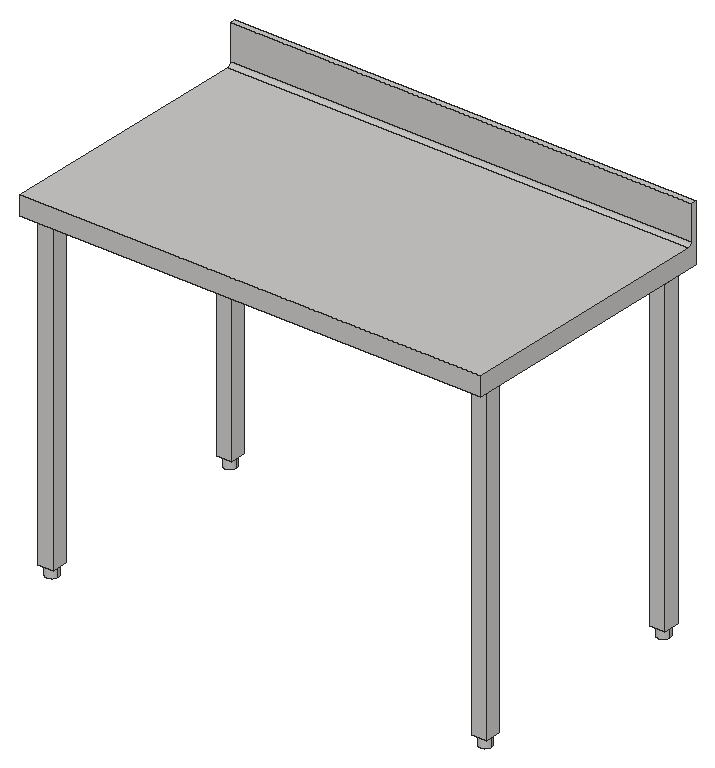
Revit family "QF_ELECTROLUXPROFESSIONAL_132731_TG1210PN", category Attrezzature speciali, Revit 2020
Family settings
  Quota connettore circolare = Usa diametro
  Tipo di parte = Normale
  Basato su piano di lavoro = No
  Sempre verticale = Sì
  Taglio con vuoti quando caricato = No
  Condiviso = No
  Punto di calcolo locali = No
Parameters (values of type "Standard")
  Weight = 29.00 kg
  Watts = 0 W
  Volts = 0 V
  URL Manufacturer = "https://www.electroluxprofessional.com/"
  URL = "https://www.electroluxprofessional.com/"
  Steam Supply Size = 0 mm
  Steam Supply Minimum Pressure = 0.0 Pa
  Steam Supply Maximum Pressure = 0.0 Pa
  Steam Consumption per Hour = 0
  Refrigeration Suction Line Size = 0.0 mm
  Refrigeration Liquid Line Size = 0.0 mm
  Refrigerant Compressor Remote = yes
  Prospetto di default = 0.0 mm
  Produttore = "Electrolux Professional"
  Phase = 0
  Modello = "TG1210PN"
  Length Actual = 1200.0 mm  # constant formula
  Item Number = "132731"
  Hot Water Size = 0 mm
  Height Actual = 1000.0 mm  # constant formula
  HP = "0 HP"
  Gas Size = 0 mm
  Gas KW = 0
  Gas Input Pressure = 0 W
  Direct Waste Size = 0 mm
  Descrizione = "WORK TABLE WITH UPSTAND 1200 MM"
  Depth Actual = 700.0 mm  # constant formula
  Cycle = 0 Hz
  Condensate Return Size = 0 mm
  Compressed Air Volume = 0.0 L/s
  Compressed Air Size = 0 mm
  Compressed Air Pressure = 0.0 Pa
  Cold Water Size = 0 mm
  Accessory = yes
Reference planes
  plane 1 "Center (Front/Back)": y = 0
  plane 2: z = 0
  plane 3 "Center (Left/Right)": x = -100
  plane 4 "LEFT": x = -700
  plane 5 "RIGHT": x = 500
  plane 6 "BACK": y = 350
  plane 7 "FRONT": y = -350
  plane 8 "Base": z = 850
  plane 9 "TOP": z = 900
  plane 10: x = -664.5
  plane 11: x = 464.5
  plane 12: y = 290
  plane 13: y = -290
Forms (mm)
  Extrusion 1, solid, material "QF_Finishes_Stainless Steel"
    sketch origin (-100, 0, 0) x (0, 1, 0) y (0, 0, 1)
      loop
        line (-350, 850) -> (350, 850) -> (350, 1000) -> (337, 1000) -> (337, 910)
        arc (337, 910) -> (334.071, 902.929) -> (327, 900) r 10
        line (327, 900) -> (-350, 900) -> (-350, 850)
    from 600 to -600
Lines and regions (mm)
  symbolic lines
    curve 1: line (500, 350, 900) -> (-700, 350, 900)
    curve 2: line (-700, 350, 900) -> (-700, -350, 900)
    curve 3: line (-700, -350, 900) -> (500, -350, 900)
    curve 4: line (500, -350, 900) -> (500, 350, 900)
    curve 5: line (500, 337, 900) -> (-700, 337, 900)
Dimensions and locks
  plane 4 "LEFT" to plane 5 "RIGHT" = 1200.0 mm
  equal spacing: plane 4 "LEFT", plane 3 "Center (Left/Right)", plane 5 "RIGHT"
  locked: plane 8 "Base" to level at 850
  plane 4 "LEFT" to plane 10 = 35.5 mm
  plane 11 to plane 5 "RIGHT" = 35.5 mm
  plane 10 to plane 11 = 1129.0 mm
  locked: Extrusion 1 to level at 1000
  plane 9 "TOP" to level = 900.0 mm
  plane 6 "BACK" to plane 12 = 60.0 mm
  plane 13 to plane 7 "FRONT" = 60.0 mm
  plane 6 "BACK" to plane 7 "FRONT" = 700.0 mm
  plane 12 to plane 13 = 580.0 mm
  equal spacing: plane 6 "BACK", plane 1 "Center (Front/Back)", plane 7 "FRONT"
  aligned and locked: level to plane 2
  aligned and locked: plane 10 to nested 1
  aligned and locked: nested 1 to plane 13
  aligned and locked: plane 11 to nested 2
  aligned and locked: nested 2 to plane 13
  aligned and locked: plane 11 to nested 4
  aligned and locked: nested 4 to plane 12
  aligned and locked: plane 10 to nested 3
  aligned and locked: nested 3 to plane 12
  aligned and locked: Extrusion 1 to plane 4 "LEFT"
  aligned and locked: plane 5 "RIGHT" to Extrusion 1
  aligned and locked: curve 2 to plane 4 "LEFT"
Automatic sketch dimensions
  Extrusion 1 sketch curve to plane 7 "FRONT" = 0.0 mm
  Extrusion 1 sketch curve to plane 9 "TOP" = 0.0 mm
  Extrusion 1 sketch curve to plane 6 "BACK" = 0.0 mm
  Extrusion 1 sketch curve to plane 8 "Base" = 0.0 mm
  plane 9 "TOP" to Extrusion 1 sketch curve = 10.0 mm
  Extrusion 1 sketch curve to plane 6 "BACK" = 13.0 mm
  Extrusion 1 sketch curve to Extrusion 1 sketch curve = 90.0 mm
  curve 3 to plane 7 "FRONT" = 0.0 mm
  curve 5 to plane 5 "RIGHT" = 0.0 mm
  curve 4 to plane 6 "BACK" = 0.0 mm
  curve 5 to plane 6 "BACK" = 13.0 mm
Nested families
  nested 1: "FEET_40x40" at (-664.5, -290, 0), type "FEET_40x40"
  nested 2: "FEET_40x40" at (464.5, -290, 0), type "FEET_40x40"
  nested 3: "FEET_40x40" at (-664.5, 290, 0), type "FEET_40x40"
  nested 4: "FEET_40x40" at (464.5, 290, 0), type "FEET_40x40"
Definition of nested family "FEET_40x40"
  Parameters
    Default Elevation = 0.0 mm
    FEET = 850.0 mm
  Reference planes
    plane 1 "Center (Front/Back)": y = 0
    plane 2: z = 0
    plane 3 "Center (Left/Right)": x = 0
    plane 4: z = 850
  Forms (mm)
    Extrusion 1, solid
      sketch origin (0, 0, 0) x (1, 0, 0) y (0, 1, 0)
        loop
          line (-20, -20) -> (20, -20) -> (20, 20) -> (-20, 20) -> (-20, -20)
      from 25 to 845
    Extrusion 2, solid
      sketch origin (0, 0, 0) x (1, 0, 0) y (0, 1, 0)
        loop
          circle (0, 0) r 16
      from 0 to 25
    Extrusion 3, solid
      sketch origin (0, 0, 0) x (1, 0, 0) y (0, 1, 0)
        loop
          line (30, 30) -> (-30, 30) -> (-30, -30) -> (30, -30) -> (30, 30)
      from 845 to 850
  Lines and regions (mm)
    symbolic lines
      curve 1: line (0, -1.503, 0) -> (0, 1.508, 0)
      curve 2: line (1.561, 0, 0) -> (-1.439, 0, 0)
  Dimensions and locks
    "FEET": plane 4 to plane 2
    aligned and locked: level to plane 2
  Automatic sketch dimensions
    Extrusion 1 sketch curve to plane 3 "Center (Left/Right)" = 20.0 mm
    plane 3 "Center (Left/Right)" to Extrusion 1 sketch curve = 20.0 mm
    plane 1 "Center (Front/Back)" to Extrusion 1 sketch curve = 20.0 mm
    Extrusion 1 sketch curve to plane 1 "Center (Front/Back)" = 20.0 mm
    plane 1 "Center (Front/Back)" to Extrusion 2 sketch curve = 0.0 mm
    Extrusion 2 sketch curve to plane 3 "Center (Left/Right)" = 0.0 mm
    plane 3 "Center (Left/Right)" to Extrusion 3 sketch curve = 30.0 mm
    Extrusion 3 sketch curve to plane 1 "Center (Front/Back)" = 30.0 mm
    Extrusion 3 sketch curve to plane 3 "Center (Left/Right)" = 30.0 mm
    plane 1 "Center (Front/Back)" to Extrusion 3 sketch curve = 30.0 mm
    plane 1 "Center (Front/Back)" to curve 2 = 0.0 mm
    curve 1 to plane 3 "Center (Left/Right)" = 0.0 mm
    curve 2 to plane 3 "Center (Left/Right)" = 1.439 mm
    plane 3 "Center (Left/Right)" to curve 2 = 1.561 mm
    plane 1 "Center (Front/Back)" to curve 1 = 1.503 mm
    curve 1 to plane 1 "Center (Front/Back)" = 1.508 mm
    radius of Extrusion 2 sketch curve = 16.0 mm
